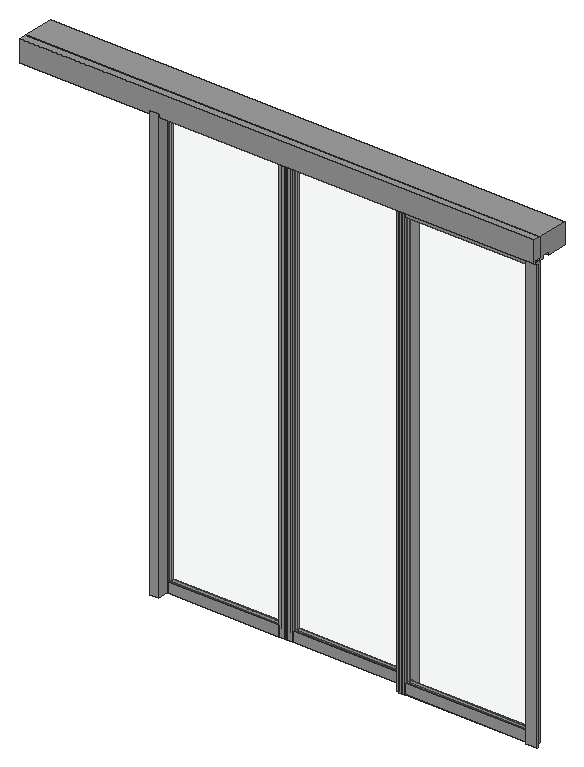
Revit family "agtatec_Record_SldngDrset_D-STA_WallBased", category Doors, host Wall, Revit 2015
Parameters (values of type "D-STA 108 mm drive unit height - side panel left")
  WithoutDriveCladding(OnlyApplicableForTypesWithoutSidePanels) = not(WithDriveCladding)  # no
  WithinStandardSizes = and(OpeningWidth > 799.90 mm, OpeningWidth < 3000.10 mm, ClearHeightOfPassage < 3000.10 mm, ClearHeightOfPassage > 1999.90 mm)  # yes
  WithSidePanels = and(RightPanel, LeftPanel)  # no
  WithDriveCladding = yes
  Weight = "Depends on configuration and size"
  WarrantyDurationUnit = "Depends on country"
  WallMountingProfile = yes
  TotalWidth = if(WithSidePanels, SidePanelWidthLeft + SidePanelWidthRight + OpeningWidth, if(RightPanel, SidePanelWidthRight + OpeningWidth + 54.50 mm, if(LeftPanel, SidePanelWidthLeft + OpeningWidth + 54.50 mm, OpeningWidth + 109.00 mm)))  # 1954.50 mm
  TotalHeight = ClearHeightOfPassage + DriveUnitHeight  # 2295.00 mm
  SustainabilityPerformance = "n/a"
  SupportLength = SidePanelWidthLeft + SidePanelWidthRight + OpeningWidth + DriveUnitExtraWidthRight + DriveUnitExtraWidthLeft  # 2600.00 mm
  SideVoidRight = if(and(RightPanel, Offset = 0.00 mm), SidePanelWidthRight - 47.00 mm, if(and(not(RightPanel), Offset = 0.00 mm), 0.00 mm, if(and(not(RightPanel), Offset > 1.00 mm), 44.00 mm, SidePanelWidthRight)))  # 0.00 mm
  SideVoidLeft = if(and(LeftPanel, Offset = 0.00 mm), SidePanelWidthLeft - 47.00 mm, if(and(not(LeftPanel), Offset = 0.00 mm), 0.00 mm, if(and(not(LeftPanel), Offset > 1.00 mm), 44.00 mm, SidePanelWidthLeft)))  # 653.00 mm
  SidePanelWidthRight = OpeningWidth / 2 + 100.00 mm + ExtraRight  # 700.00 mm
  SidePanelWidthLeft = OpeningWidth / 2 + 100.00 mm + ExtraLeft  # 700.00 mm
  SidePanelMinimumStandard = InnerPanelWidth  # 632.00 mm
  ServiceLifeType = "n/a"
  SecurityRating = "None"
  RightPanel = no
  Revision = "n/a"
  ProductInformation = "www.agta-record.com"
  Process = "n/a"
  PassageMountingProfile(OnlyApplicableForTypesWithTwoSidePanels) = not(WallMountingProfile)  # no
  PanelHeight = ClearHeightOfPassage + 13.00 mm  # 2200.00 mm
  PanelFrames = agtatec_Record_Sliding Door, Aluminium
  PanelFill = agtatec_Record_Sliding Door, Laminated Safety Glass (Clear)
  Operation = "n/a"
  Thickness = 0.00 mm
  Fire Rating = "n/a"
  DriveUnitExtraWidthRight = 0.00 mm
  DriveUnitExtraWidthLeft = 0.00 mm
  Width = TotalWidth  # 1954.50 mm
  WarrantyStartDate [instance] = "1900-12-31T23:59:59"
  WarrantyGuarantorParts = "Local door manufacturer"
  WarrantyGuarantorLabour = "Local door manufacturer"
  WarrantyDurationParts = "Depends on country"
  WarrantyDurationLabour = "Depends on country"
  WarrantyDescription = "Depends on country"
  Version = "Version 1.0"
  Uniclass2 = "Ss_25_30_20_77"
  URL = "www.agta-record.com"
  Type Comments = "n/a"
  ThresholdStripping = "No additional required, part of the doorset"
  ThresholdRequired = yes
  ThermalTransmittance = 0
  TagNumber [instance] = "n/a"
  SmokeStop = no
  Size = "n/a"
  Shape = "Rectangular"
  ServiceLifeDuration = "10-15 years"
  SerialNumber [instance] = "n/a"
  SelfClosing = yes
  Rough Width = TotalWidth + OffsetFromWallSide + 6.00 mm  # 1960.50 mm
  Rough Height = TotalHeight + OffsetFromWallTop + 6.00 mm  # 2301.00 mm
  ReplacementCost = "Depends on the configuration and door type"
  ReferenceStandard = "EN16005, EN16361, DIN 18650, etc."
  Reference = "n/a"
  ProductionYear = "n/a"
  PassageWidthOptions = "n/a"
  OpeningWidthInWall = if(Offset = 0.00 mm, OpeningWidth - 52.00 mm, OpeningWidth)  # 1148.00 mm
  OpeningWidth = 1200.00 mm
  OpeningAxis = CenterOfDoor + DriveUnitExtraWidthRight + ((SidePanelWidthRight + (OpeningWidth / 2)) - CenterOfDoor)  # 1300.00 mm
  OffsetFromWallTop = 0.00 mm
  OffsetFromWallSide = 0.00 mm
  OffsetFromInteriorWallFace(OnlyApplicableForTypesWithTwoSidePanels) = 0.00 mm
  Offset = if(WithSidePanels, [OffsetFromInteriorWallFace(OnlyApplicableForTypesWithTwoSidePanels)], 0.00 mm)  # 0.00 mm
  NominalWidth = TotalWidth  # 1954.50 mm
  NominalLength = 0.00 mm
  NominalHeight = TotalHeight  # 2295.00 mm
  Name = "SldngDrset_D-STA_WallBased_Record"
  NBSTypeID = "n/a"
  NBSReference = "25-50-20/175"
  NBSOfficeMasterTag = "n/a"
  NBSNote = "n/a"
  NBSDescription = "Sliding Doorset"
  NBSCertification = "n/a"
  MountingProfileRight = no
  MountingProfileLeft = no
  ModelReference = "Depends on the configuration"
  ModelNumber = "n/a"
  ModelLabel = "n/a"
  Model = "record Standard Linear Slider"
  MethodOfMeasurement = "n/a"
  Material = "Aluminium"
  ManufacturerURL = "www.agta-record.com"
  ManufacturerName = "Record"
  Manufacturer = "info@recorduk.co.uk"
  LeftPanel = yes
  LeafColourOptions = "All RAL, customer specific"
  Keynote = "n/a"
  IssueDate = "n/a"
  IsExternal = yes
  InstallationDate [instance] = "1900-12-31T23:59:59"
  InnerPanelWidth = (OpeningWidth / 2) + 32.00 mm  # 632.00 mm
  Infiltration = "n/a"
  IfcExportType = "Door"
  IfcExportAs = "IfcDoorStyle"
  Height = TotalHeight  # 2295.00 mm
  HasDrive = yes
  HandicapAccessible = yes
  Grade = "n/a"
  GlazingAreaFraction = "Depends on size. Can be calculated"
  GlassType = "Part of glazing spec"
  GlassThickness2 = "6 mm (default)"
  GlassThickness1 = "6 mm (default)"
  GlassLayers = 2
  FrameSeal = yes
  FrameProfile = "Aluminium"
  FrameMaterial = "Aluminium"
  FrameFinishOptions = "n/a"
  FloorGuide = agtatec_Record_Sliding Door, Stainless Steel
  FireRating = "None"
  FireExit = no
  Finish = "Powder coated, Anodized, customer specific"
  Features = "n/a"
  ExtraWidthRight = 0.00 mm
  ExtraWidthLeft = 0.00 mm
  ExtraRight = if(not(RightPanel), 0.00 mm, ExtraWidthRight)  # 0.00 mm
  ExtraLeft = if(not(LeftPanel), 0.00 mm, ExtraWidthLeft)  # 0.00 mm
  ExpectedLife = "n/a"
  ElectronicLock = yes
  DurationUnit = "year"
  DriveUnitHeight = 108.00 mm
  DriveUnitCenterDistance = (OpeningWidth / 2) + SidePanelWidthLeft + if(ExtraLeft > 65.00 mm, 0.00 mm, 65.00 mm - ExtraLeft) - if(DriveUnitExtraWidthRight > DriveUnitExtraWidthLeft, 0.00 mm, DriveUnitExtraWidthRight - DriveUnitExtraWidthLeft) + if(DriveUnitExtraWidthRight < DriveUnitExtraWidthLeft, DriveUnitExtraWidthRight - DriveUnitExtraWidthLeft, 0.00 mm)  # 1365.00 mm
  DriveUnit = agtatec_Record_Sliding Door, Sheet Metal (Painted Steel)
  DoorsetOperation = "Automatic"
  DoorsetFasteners = "Screws"
  DoorSeal = "yes"
  DoorOpening = 0.00 mm
  DoorNumber = "n/a"
  DoorIncluded = yes
  Documentation = "n/a"
  DocumentReference = "n/a"
  Description = "Automatic Sliding Door"
  Cost = 0
  Controller = "n/a"
  Construction Type = "Automatic Sliding Door"
  Constituents = "n/a"
  Configuration = "1 or 2"
  Colour = "Customer specific"
  CodePerformance = "n/a"
  ClearanceZones = no
  ClearHeightOfPassage = 2187.00 mm
  CenterOfDoor = SupportLength / 2  # 1300.00 mm
  Category = "n/a"
  BreakoutFacility = "n/a"
  BarCode [instance] = "n/a"
  BIMObjectName = "agtatec_Record_SlidingDoorset_D-STA_WallBased"
  Author = "agtatec"
  AssetType = "n/a"
  AssetIdentifier [instance] = "n/a"
  Assembly Code = "B2030110"
  AntiFingerTrapRequirement = yes
  AlternativeDoorsetGlazing = "Part of glazing spec"
  AcousticRating = "None"
  AccessoryOptions = "Contact manufacturer"
  AccessibilityPerformance = "n/a"
Reference planes
  plane 1: y = 0
  plane 2 "Center (Left/Right)": x = 0
  plane 3 "Wall Edge": y = 76.2
  plane 4: x = 600
  plane 5: x = -600
  plane 6: x = 1253
  plane 7: x = -600
  plane 8: z = 2295
  plane 9: x = 0
  plane 10: x = -1300
Lines and regions (mm)
  Opening 1
    outline origin (-1524, -76.2, 0) x (1, 0, 0) y (0, 0, 1)
      loop
        line (924, 0) -> (2777, 0) -> (2777, 2295) -> (924, 2295) -> (924, 0)
Text (mm)
  text "Placement Side" at (0, 1019.848, 3124.603), in view "Right"
  text "Placement Side" at (-1787.662, 723.012, 0), in view "Ref. Level"
  text "Placement Side" at (0, 2073.289, 3571.227), in view "Left"
Dimensions and locks
  locked: plane 3 "Wall Edge" to host wall
  "OffsetFromWallSide": Opening 1 sketch curve to plane 6
  "SideVoidLeft": plane 6 to plane 4
  "OffsetFromWallSide": plane 7 to Opening 1 sketch curve
  "SideVoidRight": plane 5 to plane 7
  "OffsetFromWallTop": Opening 1 sketch curve to plane 8
  "TotalHeight": plane 8 to level
  "Offset": nested 1 to plane 3 "Wall Edge"
  "CenterOfDoor": plane 10 to plane 2 "Center (Left/Right)"
  "OpeningAxis": plane 10 to plane 9
  equal spacing: plane 5, plane 9, plane 4
  "OpeningWidth": plane 4 to plane 5
Automatic sketch dimensions
  Opening 1 sketch curve to level = 0.00 mm
Nested families
  nested 1: "D-STA" at (0, 76.2, 0), type "D-STA 150 mm drive unit height - with two side panels"
    with WarrantyStartDate "Depends on country", TagNumber "n/a", SerialNumber "n/a", InstallationDate "n/a", BarCode "n/a", AssetIdentifier "n/a", WithSidePanels no, WallOpeningWidth 1900.00 mm, WallMountingRight no, TotalWidth 1944.00 mm, TotalHeight 2295.00 mm, RightPanel no, InterlancingProfileRight yes, DriveUnitHeight 108.00 mm, Width 1944.00 mm, Rough Width 1950.00 mm, Rough Height 2301.00 mm, NominalHeight 2295.00 mm, Height 2295.00 mm, ClearanceZoneRight 1300.00 mm
Definition of nested family "D-STA"
  Parameters
    WithoutSidePanels = and(not(RightPanel), not(LeftPanel))  # no
    WithoutDriveCladding(OnlyApplicableForTypesWithoutSidePanels) = not(WithDriveCladding)  # no
    WithinStandardSizes = and(OpeningWidth > 799.90 mm, OpeningWidth < 3000.10 mm, ClearHeightOfPassage < 3000.10 mm, ClearHeightOfPassage > 1999.90 mm)  # yes
    WithSidePanels = and(RightPanel, LeftPanel)  # yes
    WithDriveCladding = yes
    Weight = "Depends on configuration and size"
    WarrantyDurationUnit = "Depends on country"
    WallOpeningWidth = if(and(RightPanel, LeftPanel), OpeningWidth + SidePanelWidthRight + SidePanelWidthLeft, if(RightPanel, OpeningWidth + SidePanelWidthRight, if(LeftPanel, OpeningWidth + SidePanelWidthLeft, OpeningWidth)))  # 2600.00 mm
    WallMountingRight = and(WallMountingProfile, RightPanel)  # yes
    WallMountingProfile = yes
    WallMountingLeft = and(WallMountingProfile, LeftPanel)  # yes
    TotalWidth = if(WithSidePanels, SidePanelWidthLeft + SidePanelWidthRight + OpeningWidth, if(RightPanel, SidePanelWidthRight + OpeningWidth + 44.00 mm, if(LeftPanel, SidePanelWidthLeft + OpeningWidth + 44.00 mm, OpeningWidth + 109.00 mm)))  # 2600.00 mm
    TotalHeight = ClearHeightOfPassage + DriveUnitHeight  # 2337.00 mm
    Thickness = 0.00 mm
    SustainabilityPerformance = "n/a"
    SupportLength = SidePanelWidthLeft + SidePanelWidthRight + OpeningWidth + DriveUnitExtraWidthRight + DriveUnitExtraWidthLeft  # 2600.00 mm
    SidePanelWidthRight = OpeningWidth / 2 + 100.00 mm + ExtraRight  # 700.00 mm
    SidePanelWidthLeft = OpeningWidth / 2 + 100.00 mm + ExtraLeft  # 700.00 mm
    SidePanelMinimumStandard = InnerPanelWidth  # 632.00 mm
    ServiceLifeType = "n/a"
    SecurityRating = "None"
    RightPanel = yes
    Revision = "n/a"
    ProductInformation = "www.agta-record.com"
    Process = "n/a"
    PassageMountingRight = and([PassageMountingProfile(OnlyApplicableForTypesWithTwoSidePanels)], RightPanel)  # no
    PassageMountingProfile(OnlyApplicableForTypesWithTwoSidePanels) = not(WallMountingProfile)  # no
    PassageMountingLeft = and([PassageMountingProfile(OnlyApplicableForTypesWithTwoSidePanels)], LeftPanel)  # no
    PanelHeight = ClearHeightOfPassage + 13.00 mm  # 2200.00 mm
    PanelFrames = none
    PanelFill = none
    OuterPanelWidthRight = OpeningWidth / 2 + 73.00 mm + ExtraRight  # 673.00 mm
    OuterPanelWidthLeft = OpeningWidth / 2 + 73.00 mm + ExtraLeft  # 673.00 mm
    OpeningWidth = 1200.00 mm
    Name = "SldngDrset_D-STA_Standalone_Record"
    NBSTypeID = "n/a"
    NBSReference = "25-50-20/175"
    NBSOfficeMasterTag = "n/a"
    NBSNote = "n/a"
    NBSDescription = "Sliding Doorset"
    NBSCertification = "n/a"
    ModelNumber = "n/a"
    ModelLabel = "n/a"
    MethodOfMeasurement = "n/a"
    ManufacturerName = "Record"
    LeftPanel = yes
    InterlancingProfileRight = not(and(RightPanel, (WallOpeningWidth > OpeningWidth)))  # no
    InterlancingProfileLeft = not(and(LeftPanel, (WallOpeningWidth > OpeningWidth)))  # no
    InterlancingProfileHeight = PanelHeight - 5.00 mm  # 2195.00 mm
    InstallationDate [instance] = "n/a"
    InnerPanelWidth = (OpeningWidth / 2) + 32.00 mm  # 632.00 mm
    IfcExportType = "n/a"
    IfcExportAs = "n/a"
    Grade = "n/a"
    GlazingAreaFraction = "Depends on size. Can be calculated"
    FloorGuide = none
    FireRating = "None"
    Features = "n/a"
    ExtraWidthRight = 0.00 mm
    ExtraWidthLeft = 0.00 mm
    ExtraRight = if(not(RightPanel), 0.00 mm, ExtraWidthRight)  # 0.00 mm
    ExtraLeft = if(not(LeftPanel), 0.00 mm, ExtraWidthLeft)  # 0.00 mm
    ExpectedLife = "n/a"
    DurationUnit = "year"
    DriveUnitHeight = 150.00 mm
    DriveUnitExtraWidthRight = 0.00 mm
    DriveUnitExtraWidthLeft = 0.00 mm
    DriveUnitCenterDistance = (OpeningWidth / 2) + SidePanelWidthRight + DriveUnitExtraWidthRight  # 1300.00 mm
    DriveUnit = none
    DriveDepth2 = if([WithoutDriveCladding(OnlyApplicableForTypesWithoutSidePanels)], 0.00 mm, 37.00 mm)  # 37.00 mm
    DriveDepth = if([WithoutDriveCladding(OnlyApplicableForTypesWithoutSidePanels)], 157.00 mm, 194.00 mm)  # 194.00 mm
    DoorOpeningRestriction = if(DoorOpening > OpeningWidth, OpeningWidth, DoorOpening)  # 0.00 mm
    DoorOpening1 = DoorOpeningRestriction / 2  # 0.00 mm
    DoorOpening = 0.00 mm
    Width = TotalWidth  # 2600.00 mm
    WarrantyStartDate [instance] = "Depends on country"
    WarrantyGuarantorParts = "Local door manufacturer"
    WarrantyGuarantorLabour = "Local door manufacturer"
    WarrantyDurationParts = "Depends on country"
    WarrantyDurationLabour = "Depends on country"
    WarrantyDescription = "Depends on country"
    Version = "Version 1.0"
    Uniclass2 = "Ss_25_30_20_77"
    URL = "www.agta-record.com"
    Type Comments = ""
    ThresholdStripping = "No additional required, part of the doorset"
    ThresholdRequired = yes
    ThermalTransmittance = 0
    TagNumber [instance] = "n/a"
    SmokeStop = no
    Size = "n/a"
    Shape = "Rectangular"
    ServiceLifeDuration = "10-15 years"
    SerialNumber [instance] = "n/a"
    SelfClosing = yes
    Rough Width = TotalWidth + 6.00 mm  # 2606.00 mm
    Rough Height = TotalHeight + 6.00 mm  # 2343.00 mm
    ReplacementCost = "Depends on the configuration and door type"
    ReferenceStandard = "EN16005, EN16361, DIN 18650, etc."
    Reference = "n/a"
    ProductionYear = "n/a"
    PassageWidthOptions = "n/a"
    Operation = "Automatic"
    NominalWidth = SupportLength  # 2600.00 mm
    NominalLength = 0.00 mm
    NominalHeight = TotalHeight  # 2337.00 mm
    ModelReference = "Depends on the configuration"
    Model = "record Standard Linear Slider"
    Material = "Aluminium"
    ManufacturerURL = "www.agta-record.com"
    Manufacturer = "info@recorduk.co.uk"
    LeafColourOptions = "All RAL, customer specific"
    Keynote = ""
    IssueDate = ""
    IsExternal = yes
    Infiltration = "n/a"
    Height = TotalHeight  # 2337.00 mm
    HasDrive = yes
    HandicapAccessible = yes
    GlassType = "Part of glazing spec"
    GlassThickness2 = "6 mm (default)"
    GlassThickness1 = "6 mm (default)"
    GlassLayers = 2
    Function = 1
    FrameSeal = yes
    FrameProfile = "Aluminium"
    FrameMaterial = "Aluminium"
    FrameFinishOptions = "n/a"
    FireExit = no
    Finish = "Powder coated, Anodized, customer specific"
    ElectronicLock = yes
    DoorsetOperation = "Automatic"
    DoorsetFasteners = "Screws"
    DoorSeal = "yes"
    DoorNumber = "n/a"
    DoorIncluded = yes
    Documentation = "n/a"
    DocumentReference = "n/a"
    DistanceToWall = if([WithoutDriveCladding(OnlyApplicableForTypesWithoutSidePanels)], 20.00 mm, 57.00 mm)  # 57.00 mm
    Description = "Automatic Sliding Door"
    Cost = 0
    Controller = "n/a"
    Construction Type = "Automatic Sliding Door"
    Constituents = "n/a"
    Configuration = "1 or 2"
    Colour = "Customer specific"
    CodePerformance = "n/a"
    ClearanceZones = no
    ClearanceZoneRight = if(or(not(WallMountingProfile), not(RightPanel), DriveUnitExtraWidthRight > 0.00 mm), ((OpeningWidth / 2) + SidePanelWidthRight + DriveUnitExtraWidthRight), ((OpeningWidth / 2) + SidePanelWidthRight + DriveUnitExtraWidthRight + 16.00 mm))  # 1316.00 mm
    ClearanceZoneLeft = if(or(not(WallMountingProfile), not(LeftPanel), DriveUnitExtraWidthLeft > 0.00 mm), ((OpeningWidth / 2) + SidePanelWidthLeft + DriveUnitExtraWidthLeft), ((OpeningWidth / 2) + SidePanelWidthLeft + DriveUnitExtraWidthLeft + 16.00 mm))  # 1316.00 mm
    ClearHeightOfPassage = 2187.00 mm
    CladdingVoid = if(WithoutSidePanels, 8.85 mm, 40.85 mm)  # 40.85 mm
    CladdingProfile = not([WithoutDriveCladding(OnlyApplicableForTypesWithoutSidePanels)])  # yes
    CenterOfDoor = SupportLength / 2  # 1300.00 mm
    Category = "n/a"
    BreakoutFacility = "n/a"
    BarCode [instance] = "n/a"
    BIMObjectName = "agtatec_Record_SlidingDoorset_D-STA_Standalone"
    Author = "agtatec"
    AssetType = "n/a"
    AssetIdentifier [instance] = "n/a"
    Assembly Code = "B2030110"
    AntiFingerTrapRequirement = yes
    AlternativeDoorsetGlazing = "Part of glazing spec"
    AcousticRating = "None"
    AccessoryOptions = "Contact manufacturer"
    AccessibilityPerformance = "n/a"
  Reference planes
    plane 1 "Center (Front/Back)": y = 0
    plane 2: z = 0
    plane 3 "Ex Center (Left/Right)": x = 0
    plane 4: x = -1260
    plane 5: x = 1260
    plane 6: y = 5
    plane 7: y = 101
    plane 8: x = 0
    plane 9: x = 0
    plane 10: x = -1300
    plane 11: x = 1300
    plane 12: z = 2337
    plane 13: z = 2187
    plane 14: z = 2545.08
    plane 15: x = 600
    plane 16: x = 612
    plane 17 "Drive Unit Center Ref": x = -1300
    plane 18: z = 2357
    plane 19: y = 344
    plane 20 "Clearance Zone Right": x = 1300
    plane 21 "Reference": z = 270
    plane 22 "2D Lines": z = 100
    plane 23: x = -632
    plane 24: y = 57
    plane 25: x = 632
    plane 26: y = 45.85
    plane 27: x = -600
    plane 28: x = -612
    plane 29: y = 194
    plane 30 "Center (Left/Right)": x = 0
    plane 31 "ClearanceZoneLeft": x = 1316
    plane 32: x = -1316
  Forms (mm)
    Extrusion 1, solid, material <- "PanelFrames", visible <- "WallMountingRight"
      sketch origin (0, 0, 0) x (1, 0, 0) y (0, 1, 0)
        loop
          line (-1260, 3) -> (-1297, 3) -> (-1297, 38) -> (-1260, 38) -> (-1260, 40) -> (-1300, 40) -> (-1300, 4) -> (-1316, 4) -> (-1316, 0) -> (-1260, 0) -> (-1260, 3)
      from 0 to 2187
    Extrusion 2, solid, material <- "PanelFrames", visible <- "WallMountingLeft"
      sketch origin (0, 0, 0) x (-1, 0, 0) y (0, -1, 0)
        loop
          line (-1260, -3) -> (-1260, 0) -> (-1316, 0) -> (-1316, -4) -> (-1300, -4) -> (-1300, -40) -> (-1260, -40) -> (-1260, -38) -> (-1297, -38) -> (-1297, -3) -> (-1260, -3)
      from 0 to 2187
    Extrusion 3, solid, visible <- "ClearanceZones"
      sketch origin (0, 0, 0) x (0, 1, 0) y (0, 0, 1)
        loop
          line (344, 2357) -> (0, 2357) -> (0, 0) -> (344, 0) -> (344, 2357)
      from -1316 to 1316
    Extrusion 4, solid, material <- "PanelFrames", visible <- "PassageMountingRight"
      sketch origin (0, 0, 0) x (1, 0, 0) y (0, 1, 0)
        loop
          line (-1260, 40) -> (-1300, 40) -> (-1300, 0) -> (-1260, 0) -> (-1260, 3) -> (-1297, 3) -> (-1297, 38) -> (-1260, 38) -> (-1260, 40)
      from 0 to 2187
    Extrusion 5, solid, material <- "PanelFrames", visible <- "PassageMountingLeft"
      sketch origin (0, 0, 0) x (1, 0, 0) y (0, 1, 0)
        loop
          line (1260, 40) -> (1260, 38) -> (1297, 38) -> (1297, 3) -> (1260, 3) -> (1260, 0) -> (1300, 0) -> (1300, 40) -> (1260, 40)
      from 0 to 2187
    Extrusion 6, solid, material <- "DriveUnit"
      sketch origin (-1300, -4572, 3266.057) x (0, 0, 1) y (0, -1, 0)
        loop
          line (-929.057, -4609) -> (-1079.057, -4609) -> (-1079.057, -4626) -> (-1066.057, -4626) -> (-1066.057, -4668) -> (-1079.057, -4668) -> (-1079.057, -4766) -> (-929.057, -4766) -> (-929.057, -4609)
      from 0 to 2600 <- "SupportLength"
    Extrusion 7, solid, material <- "DriveUnit", visible <- "CladdingProfile"
      sketch origin (-1300, -4572, 3266.057) x (0, 0, 1) y (0, -1, 0)
        loop
          line (-929.057, -4572) -> (-1079.057, -4572) -> (-1079.057, -4609) -> (-929.057, -4609) -> (-929.057, -4572)
      from 0 to 2600 <- "SupportLength"
    Extrusion 8, void
      sketch origin (-1256.5, 45.85, 1200) x (1, 0, 0) y (0, 0, 1)
        loop
          line (-43.5, 1000) -> (-43.5, 987) -> (2556.5, 987) -> (2556.5, 1000) -> (-43.5, 1000)
      from 0 to 40.85 <- "CladdingVoid"
  Cuts and joins
    Extrusion 8 cuts Extrusion 1
    Extrusion 8 cuts Extrusion 2
    Extrusion 8 cuts Extrusion 4
    Extrusion 8 cuts Extrusion 7
  Lines and regions (mm)
    Masking region 1, visible <- "WallMountingLeft"
      outline origin (0, 0, 0) x (1, 0, 0) y (0, 1, 0)
        loop
          line (1260, 40) -> (1260, 38) -> (1297, 38) -> (1297, 3) -> (1260, 3) -> (1260, 0) -> (1316, 0) -> (1316, 4) -> (1300, 4) -> (1300, 40) -> (1260, 40)
    Masking region 2, visible <- "WallMountingRight"
      outline origin (0, 0, 0) x (1, 0, 0) y (0, 1, 0)
        loop
          line (-1260, 40) -> (-1300, 40) -> (-1300, 4) -> (-1316, 4) -> (-1316, 0) -> (-1260, 0) -> (-1260, 3) -> (-1297, 3) -> (-1297, 38) -> (-1260, 38) -> (-1260, 40)
    Masking region 3, visible <- "PassageMountingRight"
      outline origin (0, 0, 0) x (1, 0, 0) y (0, 1, 0)
        loop
          line (-1260, 40) -> (-1300, 40) -> (-1300, 0) -> (-1260, 0) -> (-1260, 3) -> (-1297, 3) -> (-1297, 38) -> (-1260, 38) -> (-1260, 40)
    Masking region 4, visible <- "PassageMountingLeft"
      outline origin (0, 0, 0) x (1, 0, 0) y (0, 1, 0)
        loop
          line (1260, 40) -> (1260, 38) -> (1297, 38) -> (1297, 3) -> (1260, 3) -> (1260, 0) -> (1300, 0) -> (1300, 40) -> (1260, 40)
    symbolic lines
      curve 1: line (175, -50, 0) -> (25, -50, 0)
      curve 2: line (175, -50, 0) -> (139.645, -14.645, 0)
      curve 3: line (175, -50, 0) -> (139.645, -85.355, 0)
      curve 4: line (-25, -50, 0) -> (-175, -50, 0)
      curve 5: line (-175, -50, 0) -> (-139.645, -14.645, 0)
      curve 6: line (-175, -50, 0) -> (-139.645, -85.355, 0)
  Dimensions and locks
    locked: plane 6 to plane 1 "Center (Front/Back)" at 5
    locked: plane 1 "Center (Front/Back)" to plane 7 at 101
    equal spacing: plane 8, plane 3 "Ex Center (Left/Right)", plane 9
    locked: plane 10 to plane 4 at 40
    locked: plane 5 to plane 11 at 40
    "DriveUnitHeight": plane 12 to plane 13
    locked: plane 14 to plane 13 at 358.08
    locked: plane 15 to plane 16 at 12
    "SidePanelWidthLeft": plane 15 to plane 11
    "ClearHeightOfPassage": plane 13 to plane 2
    "DriveUnitCenterDistance": plane 3 "Ex Center (Left/Right)" to plane 17 "Drive Unit Center Ref"
    locked: plane 18 to plane 12 at 20
    "SupportLength": plane 17 "Drive Unit Center Ref" to plane 20 "Clearance Zone Right"
    "DoorOpeningRestriction": plane 8 to plane 9
    "InnerPanelWidth": plane 23 to plane 8
    "InnerPanelWidth": plane 9 to plane 25
    "DistanceToWall": plane 24 to plane 1 "Center (Front/Back)"
    locked: plane 24 to nested 6 at 20
    plane 26 to plane 1 "Center (Front/Back)" = 45.85 mm
    locked: plane 28 to plane 27 at 12
    equal spacing: plane 27, plane 3 "Ex Center (Left/Right)", plane 15
    "SidePanelWidthRight": plane 10 to plane 27
    "OpeningWidth": plane 27 to plane 15
    "DriveDepth": plane 1 "Center (Front/Back)" to plane 29
    "DriveUnitHeight": plane 29 to plane 19
    locked: plane 24 to nested 5 at 20
    locked: Extrusion 6 sketch curve to plane 29 at 98
    "DriveDepth2": plane 1 "Center (Front/Back)" to Extrusion 6 sketch curve
    "SupportLength": Extrusion 8 sketch curve to plane 17 "Drive Unit Center Ref"
    "CenterOfDoor": plane 17 "Drive Unit Center Ref" to plane 30 "Center (Left/Right)"
    "ClearanceZoneLeft": plane 3 "Ex Center (Left/Right)" to plane 31 "ClearanceZoneLeft"
    "ClearanceZoneRight": plane 32 to plane 3 "Ex Center (Left/Right)"
    aligned and locked: level to plane 2
    aligned and locked: nested 1 to plane 6
    aligned and locked: plane 13 to Extrusion 2
    aligned and locked: plane 13 to Extrusion 1
    aligned and locked: plane 19 to Extrusion 3 sketch curve
    aligned and locked: Extrusion 3 sketch curve to plane 18
    aligned and locked: nested 4 to plane 23
    aligned and locked: plane 24 to nested 4
    aligned and locked: plane 23 to nested 3
    aligned and locked: nested 3 to plane 24
    aligned and locked: plane 28 to nested 6
    aligned and locked: plane 16 to nested 1
    aligned and locked: nested 5 to plane 15
    aligned and locked: plane 13 to Extrusion 4
    aligned and locked: plane 13 to Extrusion 5
    aligned and locked: plane 13 to Extrusion 6 sketch curve
    aligned and locked: Extrusion 6 sketch curve to plane 12
    aligned and locked: plane 29 to Extrusion 6 sketch curve
    aligned and locked: plane 25 to nested 2
    aligned and locked: plane 9 to nested 7
    aligned and locked: nested 7 to plane 24
    aligned and locked: plane 24 to nested 2
    aligned and locked: nested 8 to plane 28
    aligned and locked: Extrusion 7 sketch curve to plane 12
    aligned and locked: Extrusion 7 sketch curve to plane 1 "Center (Front/Back)"
    aligned and locked: plane 17 "Drive Unit Center Ref" to Extrusion 8 sketch curve
    aligned and locked: plane 13 to Extrusion 8 sketch curve
    aligned and locked: plane 31 "ClearanceZoneLeft" to Extrusion 3
    aligned and locked: Extrusion 3 to plane 32
  Automatic sketch dimensions
    Extrusion 3 sketch curve to level = 0.00 mm
    Extrusion 3 sketch curve to plane 1 "Center (Front/Back)" = 0.00 mm
    plane 1 "Center (Front/Back)" to curve 5 = 14.645 mm
    curve 5 to curve 6 = 0.00 mm
    curve 4 to curve 5 = 35.355 mm
    plane 1 "Center (Front/Back)" to curve 2 = 14.645 mm
    curve 3 to curve 2 = 0.00 mm
    plane 1 "Center (Front/Back)" to curve 2 = 50.00 mm
    curve 2 to curve 2 = 35.355 mm
    curve 6 to curve 5 = 35.355 mm
    curve 1 to curve 2 = 114.645 mm
    curve 6 to curve 4 = 114.645 mm
    plane 3 "Ex Center (Left/Right)" to curve 1 = 25.00 mm
    curve 4 to plane 3 "Ex Center (Left/Right)" = 25.00 mm
    plane 1 "Center (Front/Back)" to Extrusion 2 sketch curve = 0.00 mm
    plane 6 to Extrusion 2 sketch curve = 1.00 mm
    Extrusion 2 sketch curve to plane 11 = 16.00 mm
    plane 11 to Extrusion 2 sketch curve = 0.00 mm
    Extrusion 2 sketch curve to Extrusion 2 sketch curve = 3.00 mm
    plane 6 to Extrusion 2 sketch curve = 2.00 mm
    Extrusion 2 sketch curve to Extrusion 2 sketch curve = 2.00 mm
    plane 26 to Extrusion 2 sketch curve = 5.85 mm
    plane 1 "Center (Front/Back)" to Masking region 1 sketch curve = 0.00 mm
    Masking region 1 sketch curve to plane 11 = 0.00 mm
    Masking region 1 sketch curve to Masking region 1 sketch curve = 3.00 mm
    Masking region 1 sketch curve to plane 6 = 2.00 mm
    Masking region 1 sketch curve to plane 26 = 7.85 mm
    Masking region 1 sketch curve to plane 6 = 1.00 mm
    plane 11 to Masking region 1 sketch curve = 16.00 mm
    Masking region 1 sketch curve to Masking region 1 sketch curve = 2.00 mm
    plane 1 "Center (Front/Back)" to Masking region 2 sketch curve = 0.00 mm
    Masking region 2 sketch curve to plane 6 = 1.00 mm
    Masking region 2 sketch curve to Masking region 2 sketch curve = 3.00 mm
    Masking region 2 sketch curve to plane 26 = 7.85 mm
    Masking region 2 sketch curve to plane 6 = 2.00 mm
    Masking region 2 sketch curve to Masking region 2 sketch curve = 2.00 mm
    plane 10 to Masking region 2 sketch curve = 0.00 mm
    Masking region 2 sketch curve to plane 10 = 16.00 mm
    plane 4 to Masking region 2 sketch curve = 0.00 mm  (x2)
    plane 5 to Extrusion 2 sketch curve = 0.00 mm  (x2)
    Masking region 1 sketch curve to plane 5 = 0.00 mm  (x2)
    Extrusion 1 sketch curve to plane 10 = 0.00 mm
    plane 1 "Center (Front/Back)" to Extrusion 1 sketch curve = 0.00 mm
    Extrusion 1 sketch curve to plane 10 = 16.00 mm
    Extrusion 1 sketch curve to plane 4 = 0.00 mm  (x2)
    plane 10 to Extrusion 1 sketch curve = 3.00 mm
    Extrusion 1 sketch curve to plane 6 = 2.00 mm
    Extrusion 1 sketch curve to plane 6 = 1.00 mm
    Extrusion 1 sketch curve to plane 26 = 7.85 mm
    Extrusion 1 sketch curve to Extrusion 1 sketch curve = 2.00 mm
    Extrusion 4 sketch curve to plane 10 = 0.00 mm
    Extrusion 4 sketch curve to plane 4 = 0.00 mm  (x2)
    plane 1 "Center (Front/Back)" to Extrusion 4 sketch curve = 0.00 mm
    plane 10 to Extrusion 4 sketch curve = 3.00 mm
    Extrusion 4 sketch curve to plane 6 = 2.00 mm
    Extrusion 4 sketch curve to plane 26 = 7.85 mm
    Extrusion 4 sketch curve to Extrusion 4 sketch curve = 2.00 mm
    Extrusion 5 sketch curve to plane 5 = 0.00 mm  (x2)
    Extrusion 5 sketch curve to plane 11 = 0.00 mm
    plane 1 "Center (Front/Back)" to Extrusion 5 sketch curve = 0.00 mm
    Extrusion 5 sketch curve to plane 11 = 3.00 mm
    Extrusion 5 sketch curve to plane 6 = 2.00 mm
    Extrusion 5 sketch curve to plane 26 = 7.85 mm
    Extrusion 5 sketch curve to Extrusion 5 sketch curve = 2.00 mm
    Masking region 3 sketch curve to plane 10 = 0.00 mm
    Masking region 3 sketch curve to plane 4 = 0.00 mm  (x2)
    plane 1 "Center (Front/Back)" to Masking region 3 sketch curve = 0.00 mm
    plane 10 to Masking region 3 sketch curve = 3.00 mm
    Masking region 3 sketch curve to plane 6 = 2.00 mm
    Masking region 3 sketch curve to plane 26 = 7.85 mm
    Masking region 3 sketch curve to Masking region 3 sketch curve = 2.00 mm
    Masking region 4 sketch curve to plane 5 = 0.00 mm  (x2)
    Masking region 4 sketch curve to plane 11 = 0.00 mm
    plane 1 "Center (Front/Back)" to Masking region 4 sketch curve = 0.00 mm
    Masking region 4 sketch curve to plane 11 = 3.00 mm
    Masking region 4 sketch curve to plane 6 = 2.00 mm
    Masking region 4 sketch curve to plane 26 = 7.85 mm
    Masking region 4 sketch curve to Masking region 4 sketch curve = 2.00 mm
    Extrusion 7 sketch curve to plane 13 = 0.00 mm
    Extrusion 7 sketch curve to plane 26 = 8.85 mm
    Extrusion 6 sketch curve to plane 13 = 0.00 mm
    Extrusion 6 sketch curve to plane 24 = 3.00 mm
    plane 13 to Extrusion 6 sketch curve = 13.00 mm
    Extrusion 8 sketch curve to Extrusion 8 sketch curve = 13.00 mm
  Nested families
    nested 1: "Outer Panel" at (612, 5, 0), visible <- "LeftPanel", type "Left Panel"
    nested 2: "Interlacing profile - Inner" at (632, 57, 5) x (0, -1, 0) z (0, 0, 1), type "Left"
    nested 3: "Interlacing profile - Inner" at (-632, 57, 5) x (0, -1, 0) z (0, 0, 1), type "Right"
    nested 4: "Inner Panel" at (0, 57, 0) x (-1, 0, 0) z (0, 0, 1), type "Inner Panel"
    nested 5: "Interlacing profile - Outer" at (612, 37, 5) x (0, 1, 0) z (0, 0, 1), type "Left"
      with Side Panel yes, Interlacing profile 2 no, Interlacing profile 1 yes
    nested 6: "Interlacing profile - Outer" at (-612, 37, 5) x (0, 1, 0) z (0, 0, 1), type "Right"
      with Side Panel yes, Interlacing profile 2 no, Interlacing profile 1 yes
    nested 7: "Inner Panel" at (0, 57, 0), type "Inner Panel"
    nested 8: "Outer Panel" at (-612, 37, 0) x (-1, 0, 0) z (0, 0, 1), visible <- "RightPanel", type "Right Panel"
      with Right Panel yes, Left Panel no
  Definition of nested family "Outer Panel"
    Parameters
      Right Panel = no
      Panel Height = 2200.00 mm
      Panel Glass = none
      Panel Frames = none
      Outer Panel Width = 673.00 mm
      Left Panel = yes
    Reference planes
      plane 1 "Center (Front/Back)": y = 0
      plane 2: z = 0
      plane 3 "Center (Left/Right)": x = 0
      plane 4: x = 673
      plane 5: z = 2200
      plane 6: x = 641
      plane 7: x = 32
      plane 8: z = 2181
      plane 9 "Above": z = 42
      plane 10: x = 654.5
      plane 11: x = 18.5
      plane 12: y = 32
      plane 13: x = 10
    Forms (mm)
      Extrusion 1, solid, material <- "Panel Frames"
        sketch origin (0, 0, 0) x (1, 0, 0) y (0, 1, 0)
          loop
            line (0, 0) -> (32, 0) -> (32, 2.5) -> (16, 2.5) -> (16, 29.5) -> (32, 29.5) -> (32, 32) -> (0, 32) -> (0, 0)
        from 0 to 2200
      Extrusion 2, solid, material <- "Panel Frames"
        sketch origin (591.5, 0, 0) x (-1, 0, 0) y (0, -1, 0)
          loop
            line (-81.5, 0) -> (-81.5, -32) -> (-49.5, -32) -> (-49.5, -29.5) -> (-65.5, -29.5) -> (-65.5, -2.5) -> (-49.5, -2.5) -> (-49.5, 0) -> (-81.5, 0)
        from 0 to 2200
      Extrusion 3, solid, material <- "Panel Frames"
        sketch origin (75, 0, 0) x (0, 1, 0) y (0, 0, 1)
          loop
            line (0, 2200) -> (0, 2168) -> (2.5, 2168) -> (2.5, 2184) -> (29.5, 2184) -> (29.5, 2168) -> (32, 2168) -> (32, 2200) -> (0, 2200)
        from -43 to 566
      Extrusion 4, solid, material <- "Panel Glass"
        sketch origin (0, 0, 0) x (1, 0, 0) y (0, 1, 0)
          loop
            line (18.5, 28) -> (18.5, 4) -> (654.5, 4) -> (654.5, 28) -> (18.5, 28)
        from 42 to 2181
      Extrusion 5, solid, material <- "Panel Frames"
        sketch origin (20, 0, 0) x (0, 1, 0) y (0, 0, 1)
          loop
            line (0, 5) -> (3.25, 5) -> (3.25, 0) -> (28.75, 0) -> (28.75, 5) -> (32, 5) -> (32, 55) -> (29.5, 55) -> (29.5, 39) -> (2.5, 39) -> (2.5, 55) -> (0, 55) -> (0, 5)
        from 12 to 621
    Lines and regions (mm)
      Masking region 1
        outline origin (0, 0, 0) x (1, 0, 0) y (0, 1, 0)
          loop
            line (0, 32) -> (0, 0) -> (10, 0) -> (673, 0) -> (673, 32) -> (10, 32) -> (0, 32)
      symbolic lines, detail levels medium+fine
        curve 1: line (641, 32, 42) -> (641, 29.5, 42)
        curve 2: line (32, 32, 42) -> (32, 29.5, 42)
        curve 18: line (641, 2.5, 42) -> (641, 0, 42)
        curve 20: line (32, 2.5, 42) -> (32, 0, 42)
      symbolic lines, detail levels fine
        curve 3: line (32, 28, 42) -> (641, 28, 42)
        curve 4: line (32, 4, 42) -> (641, 4, 42)
        curve 5: line (641, 29.5, 42) -> (657, 29.5, 42)
        curve 6: line (657, 29.5, 42) -> (657, 2.5, 42)
        curve 7: line (657, 2.5, 42) -> (641, 2.5, 42)
        curve 8: line (641, 28, 42) -> (654.5, 28, 42)
        curve 9: line (654.5, 28, 42) -> (654.5, 4, 42)
        curve 10: line (654.5, 4, 42) -> (641, 4, 42)
        curve 11: line (32, 29.5, 42) -> (16, 29.5, 42)
        curve 12: line (16, 29.5, 42) -> (16, 2.5, 42)
        curve 13: line (16, 2.5, 42) -> (32, 2.5, 42)
        curve 14: line (32, 4, 42) -> (18.5, 4, 42)
        curve 15: line (18.5, 4, 42) -> (18.5, 28, 42)
        curve 16: line (18.5, 28, 42) -> (32, 28, 42)
      symbolic lines, detail levels medium
        curve 17: line (641, 29.5, 42) -> (641, 2.5, 42)
        curve 19: line (32, 29.5, 42) -> (32, 2.5, 42)
      symbolic lines, visible <- "Right Panel"
        curve 21: line (0, 32, 42) -> (10, 32, 42)
      symbolic lines, visible <- "Left Panel"
        curve 22: line (10, 0, 42) -> (0, 0, 42)
    Dimensions and locks
      "Panel Height": plane 5 to plane 2
      locked: plane 7 to plane 3 "Center (Left/Right)" at 32
      locked: plane 6 to plane 4 at 32
      locked: plane 5 to plane 8 at 19
      locked: plane 9 "Above" to level at 42
      locked: plane 4 to plane 10 at 18.5
      locked: plane 11 to plane 3 "Center (Left/Right)" at 18.5
      "Outer Panel Width": plane 4 to plane 3 "Center (Left/Right)"
      locked: plane 3 "Center (Left/Right)" to plane 13 at 10
      aligned and locked: plane 2 to level
      aligned and locked: plane 5 to Extrusion 2
      aligned and locked: plane 5 to Extrusion 1
      aligned and locked: Extrusion 3 to plane 7
      aligned and locked: Extrusion 3 to plane 6
      aligned and locked: plane 8 to Extrusion 4
      aligned and locked: Extrusion 4 to plane 9 "Above"
      aligned and locked: Extrusion 4 to plane 10
      aligned and locked: Extrusion 4 to plane 11
      aligned and locked: Extrusion 1 to level
      aligned and locked: Extrusion 2 to level
      aligned and locked: Extrusion 5 to plane 6
      aligned and locked: Extrusion 5 to plane 7
      aligned and locked: Masking region 1 sketch curve to plane 4
      aligned and locked: plane 13 to Masking region 1 sketch curve  (x2)
    Automatic sketch dimensions
      Extrusion 1 sketch curve to plane 3 "Center (Left/Right)" = 0.00 mm
      Extrusion 1 sketch curve to plane 7 = 0.00 mm  (x2)
      plane 1 "Center (Front/Back)" to Extrusion 1 sketch curve = 0.00 mm
      Extrusion 1 sketch curve to plane 11 = 2.50 mm
      Extrusion 1 sketch curve to Extrusion 1 sketch curve = 2.50 mm  (x2)
      Extrusion 1 sketch curve to Extrusion 1 sketch curve = 27.00 mm
      Extrusion 2 sketch curve to plane 4 = 0.00 mm
      Extrusion 2 sketch curve to plane 6 = 0.00 mm  (x2)
      plane 1 "Center (Front/Back)" to Extrusion 2 sketch curve = 0.00 mm
      plane 10 to Extrusion 2 sketch curve = 2.50 mm
      Extrusion 2 sketch curve to Extrusion 2 sketch curve = 2.50 mm  (x2)
      Extrusion 2 sketch curve to Extrusion 2 sketch curve = 27.00 mm
      Extrusion 3 sketch curve to plane 1 "Center (Front/Back)" = 0.00 mm
      Extrusion 3 sketch curve to plane 5 = 0.00 mm
      Extrusion 3 sketch curve to plane 1 "Center (Front/Back)" = 2.50 mm
      plane 8 to Extrusion 3 sketch curve = 3.00 mm
      Extrusion 3 sketch curve to Extrusion 3 sketch curve = 27.00 mm
      Extrusion 3 sketch curve to Extrusion 3 sketch curve = 2.50 mm
      Extrusion 3 sketch curve to plane 8 = 13.00 mm  (x2)
      Extrusion 4 sketch curve to plane 11 = 0.00 mm
      Extrusion 4 sketch curve to plane 10 = 0.00 mm
      Extrusion 4 sketch curve to plane 1 "Center (Front/Back)" = 4.00 mm
      Extrusion 4 sketch curve to Extrusion 4 sketch curve = 24.00 mm
      Extrusion 5 sketch curve to plane 1 "Center (Front/Back)" = 0.00 mm
      Extrusion 5 sketch curve to level = 0.00 mm
      Extrusion 5 sketch curve to plane 1 "Center (Front/Back)" = 3.25 mm
      Extrusion 5 sketch curve to plane 1 "Center (Front/Back)" = 2.50 mm
      level to Extrusion 5 sketch curve = 5.00 mm
      Extrusion 5 sketch curve to Extrusion 5 sketch curve = 25.50 mm
      plane 9 "Above" to Extrusion 5 sketch curve = 13.00 mm  (x2)
      Extrusion 5 sketch curve to Extrusion 5 sketch curve = 27.00 mm
      Extrusion 5 sketch curve to Extrusion 5 sketch curve = 2.50 mm
      Extrusion 5 sketch curve to Extrusion 5 sketch curve = 5.00 mm
      Extrusion 5 sketch curve to plane 9 "Above" = 3.00 mm
      plane 1 "Center (Front/Back)" to Masking region 1 sketch curve = 0.00 mm
      Masking region 1 sketch curve to plane 3 "Center (Left/Right)" = 0.00 mm
      Masking region 1 sketch curve to plane 12 = 0.00 mm
      curve 9 to plane 10 = 0.00 mm
      curve 5 to plane 6 = 0.00 mm
      curve 3 to plane 6 = 0.00 mm
      curve 11 to plane 7 = 0.00 mm
      curve 3 to plane 7 = 0.00 mm
      curve 15 to plane 11 = 0.00 mm
      curve 21 to plane 12 = 0.00 mm
      curve 21 to plane 13 = 0.00 mm
      plane 1 "Center (Front/Back)" to curve 22 = 0.00 mm
      curve 22 to plane 13 = 0.00 mm
      curve 22 to plane 3 "Center (Left/Right)" = 0.00 mm
      curve 21 to plane 3 "Center (Left/Right)" = 0.00 mm
      curve 2 to plane 12 = 0.00 mm
      curve 1 to plane 12 = 0.00 mm
      plane 1 "Center (Front/Back)" to curve 18 = 0.00 mm
      plane 1 "Center (Front/Back)" to curve 20 = 0.00 mm
      curve 5 to plane 10 = 2.50 mm
      curve 12 to plane 11 = 2.50 mm
      curve 2 to curve 2 = 2.50 mm
      curve 1 to plane 12 = 2.50 mm
      curve 1 to curve 8 = 1.50 mm
      curve 10 to plane 1 "Center (Front/Back)" = 4.00 mm
      curve 4 to plane 1 "Center (Front/Back)" = 4.00 mm
      curve 14 to curve 4 = 0.00 mm
      curve 4 to curve 7 = 1.50 mm
      curve 14 to curve 13 = 1.50 mm
  Definition of nested family "Interlacing profile - Inner"
    Parameters
      Wall Mounting Option 2 = no
      Side Panel = yes
      Panel Frames = none
      Interlancing Profile Height = 2195.00 mm
      Interlacing profile 5 = and(Wall Mounting Option 2, not(Side Panel))  # no
      Interlacing profile 4 = and(not(Wall Mounting Option 2), not(Side Panel))  # no
      Interlacing profile 1 = Side Panel  # yes
    Reference planes
      plane 1 "Center (Front/Back)": y = 0
      plane 2: z = 0
      plane 3 "Center (Left/Right)": x = 0
      plane 4: z = 2195
      plane 5 "Above": z = 40
      plane 6: y = -12
    Forms (mm)
      Extrusion 1, solid, material <- "Panel Frames", visible <- "Interlacing profile 1"
        sketch origin (0, 0, 0) x (1, 0, 0) y (0, 1, 0)
          loop
            line (0, 0) -> (-32, 0) -> (-32, -12) -> (17, -12) -> (17, 10) -> (0, 10) -> (0, 0)
        from 0 to 2195
      Extrusion 2, solid, material <- "Panel Frames", visible <- "Interlacing profile 4"
        sketch origin (0, 0, 0) x (1, 0, 0) y (0, 1, 0)
          loop
            line (0, 0) -> (-32, 0) -> (-32, -12) -> (49, -12) -> (49, -10) -> (12, -10) -> (12, 10) -> (0, 10) -> (0, 0)
        from 0 to 2195
      Extrusion 3, solid, material <- "Panel Frames", visible <- "Interlacing profile 5"
        sketch origin (0, 0, 0) x (1, 0, 0) y (0, 1, 0)
          loop
            line (0, 0) -> (-32, 0) -> (-32, -12) -> (12, -12) -> (12, 10) -> (0, 10) -> (0, 0)
        from 0 to 2195
    Lines and regions (mm)
      Masking region 1, visible <- "Interlacing profile 1"
        outline origin (0, 0, 0) x (1, 0, 0) y (0, 1, 0)
          loop
            line (0, 10) -> (0, 0) -> (-32, 0) -> (-32, -12) -> (17, -12) -> (17, 10) -> (0, 10)
      Masking region 2, visible <- "Interlacing profile 4"
        outline origin (0, 0, 0) x (1, 0, 0) y (0, 1, 0)
          loop
            line (0, 0) -> (-32, 0) -> (-32, -12) -> (49, -12) -> (49, -10) -> (12, -10) -> (12, 10) -> (0, 10) -> (0, 0)
      Masking region 3, visible <- "Interlacing profile 5"
        outline origin (0, 0, 0) x (1, 0, 0) y (0, 1, 0)
          loop
            line (12, -12) -> (12, 10) -> (0, 10) -> (0, 0) -> (-32, 0) -> (-32, -12) -> (12, -12)
      symbolic lines, detail levels medium+fine
        curve 1: line (0, 10, 40) -> (0, 0, 40)
        curve 2: line (0, 0, 40) -> (-32, 0, 40)
    Dimensions and locks
      "Interlancing Profile Height": plane 4 to level
      aligned and locked: plane 4 to Extrusion 1
      aligned and locked: Extrusion 1 to plane 6
      aligned and locked: plane 4 to Extrusion 2
      aligned and locked: plane 4 to Extrusion 3
    Automatic sketch dimensions
      plane 1 "Center (Front/Back)" to Extrusion 1 sketch curve = 0.00 mm
      Extrusion 1 sketch curve to plane 3 "Center (Left/Right)" = 0.00 mm
      plane 1 "Center (Front/Back)" to Extrusion 1 sketch curve = 12.00 mm
      Extrusion 1 sketch curve to plane 3 "Center (Left/Right)" = 32.00 mm
      plane 3 "Center (Left/Right)" to Extrusion 1 sketch curve = 17.00 mm
      Extrusion 1 sketch curve to plane 1 "Center (Front/Back)" = 10.00 mm
      plane 1 "Center (Front/Back)" to Masking region 1 sketch curve = 0.00 mm
      Masking region 1 sketch curve to plane 3 "Center (Left/Right)" = 0.00 mm
      plane 1 "Center (Front/Back)" to Masking region 1 sketch curve = 12.00 mm
      Masking region 1 sketch curve to plane 3 "Center (Left/Right)" = 32.00 mm
      Masking region 1 sketch curve to Masking region 1 sketch curve = 17.00 mm
      Masking region 1 sketch curve to Masking region 1 sketch curve = 10.00 mm
      plane 1 "Center (Front/Back)" to Extrusion 2 sketch curve = 0.00 mm
      Extrusion 2 sketch curve to plane 3 "Center (Left/Right)" = 0.00 mm
      plane 6 to Extrusion 2 sketch curve = 0.00 mm
      Extrusion 2 sketch curve to plane 3 "Center (Left/Right)" = 32.00 mm
      plane 3 "Center (Left/Right)" to Extrusion 2 sketch curve = 12.00 mm
      plane 6 to Extrusion 2 sketch curve = 2.00 mm
      Extrusion 2 sketch curve to Extrusion 2 sketch curve = 37.00 mm
      Extrusion 2 sketch curve to plane 1 "Center (Front/Back)" = 10.00 mm
      Extrusion 3 sketch curve to plane 6 = 0.00 mm
      plane 1 "Center (Front/Back)" to Extrusion 3 sketch curve = 0.00 mm
      Extrusion 3 sketch curve to plane 3 "Center (Left/Right)" = 0.00 mm
      Extrusion 3 sketch curve to plane 3 "Center (Left/Right)" = 32.00 mm
      Extrusion 3 sketch curve to Extrusion 3 sketch curve = 12.00 mm
      Extrusion 3 sketch curve to plane 1 "Center (Front/Back)" = 10.00 mm
      Masking region 2 sketch curve to plane 6 = 0.00 mm
      plane 1 "Center (Front/Back)" to Masking region 2 sketch curve = 0.00 mm
      Masking region 2 sketch curve to plane 3 "Center (Left/Right)" = 0.00 mm
      Masking region 2 sketch curve to plane 3 "Center (Left/Right)" = 32.00 mm
      plane 3 "Center (Left/Right)" to Masking region 2 sketch curve = 12.00 mm
      Masking region 2 sketch curve to Masking region 2 sketch curve = 37.00 mm
      plane 6 to Masking region 2 sketch curve = 2.00 mm
      Masking region 2 sketch curve to plane 1 "Center (Front/Back)" = 10.00 mm
      plane 1 "Center (Front/Back)" to Masking region 3 sketch curve = 0.00 mm
      Masking region 3 sketch curve to plane 6 = 0.00 mm
      Masking region 3 sketch curve to plane 3 "Center (Left/Right)" = 0.00 mm
      Masking region 3 sketch curve to plane 3 "Center (Left/Right)" = 32.00 mm
      plane 3 "Center (Left/Right)" to Masking region 3 sketch curve = 12.00 mm
      Masking region 3 sketch curve to plane 1 "Center (Front/Back)" = 10.00 mm
      plane 1 "Center (Front/Back)" to curve 1 = 0.00 mm
      curve 1 to plane 3 "Center (Left/Right)" = 0.00 mm
      curve 2 to plane 3 "Center (Left/Right)" = 32.00 mm
      curve 1 to plane 1 "Center (Front/Back)" = 10.00 mm
  Definition of nested family "Inner Panel"
    Parameters
      Panel Height = 2200.00 mm
      Panel Glass = none
      Panel Frames = none
      Inner Panel Width = 632.00 mm
    Reference planes
      plane 1 "Center (Front/Back)": y = 0
      plane 2: z = 0
      plane 3 "Center (Left/Right)": x = 0
      plane 4: x = 632
      plane 5: z = 2200
      plane 6: x = 600
      plane 7: x = 37
      plane 8: z = 2181
      plane 9 "Above": z = 42
      plane 10: x = 613.5
      plane 11: x = 23.5
      plane 12: z = 5
      plane 13: x = 622
      plane 14: x = 5
    Forms (mm)
      Extrusion 1, solid, material <- "Panel Frames"
        sketch origin (0, 0, 0) x (1, 0, 0) y (0, 1, 0)
          loop
            line (5, 0) -> (37, 0) -> (37, 2.5) -> (21, 2.5) -> (21, 29.5) -> (37, 29.5) -> (37, 32) -> (5, 32) -> (5, 0)
        from 5 to 2200
      Extrusion 2, solid, material <- "Panel Frames"
        sketch origin (591.5, 0, 0) x (-1, 0, 0) y (0, -1, 0)
          loop
            line (-40.5, 0) -> (-40.5, -32) -> (-8.5, -32) -> (-8.5, -29.5) -> (-24.5, -29.5) -> (-24.5, -2.5) -> (-8.5, -2.5) -> (-8.5, 0) -> (-40.5, 0)
        from 5 to 2200
      Extrusion 3, solid, material <- "Panel Frames"
        sketch origin (-55, 0, 0) x (0, 1, 0) y (0, 0, 1)
          loop
            line (0, 5) -> (14.65, 5) -> (14.65, 26) -> (17.35, 26) -> (17.35, 5) -> (32, 5) -> (32, 55) -> (29.5, 55) -> (29.5, 39) -> (2.5, 39) -> (2.5, 55) -> (0, 55) -> (0, 5)
        from 92 to 655
      Extrusion 4, solid, material <- "Panel Frames"
        sketch origin (75, 0, 0) x (0, 1, 0) y (0, 0, 1)
          loop
            line (0, 2200) -> (0, 2168) -> (2.5, 2168) -> (2.5, 2184) -> (29.5, 2184) -> (29.5, 2168) -> (32, 2168) -> (32, 2200) -> (0, 2200)
        from -38 to 525
      Extrusion 5, solid, material <- "Panel Glass"
        sketch origin (0, 0, 0) x (1, 0, 0) y (0, 1, 0)
          loop
            line (23.5, 28) -> (23.5, 4) -> (613.5, 4) -> (613.5, 28) -> (23.5, 28)
        from 42 to 2181
      Extrusion 6, solid, material <- "Panel Frames"
        sketch origin (0, 0, 0) x (1, 0, 0) y (0, 1, 0)
          loop
            line (0, 32) -> (0, 0) -> (5, 0) -> (5, 32) -> (0, 32)
        from 5 to 2200
    Lines and regions (mm)
      Masking region 1
        outline origin (0, 0, 0) x (1, 0, 0) y (0, 1, 0)
          loop
            line (632, 32) -> (0, 32) -> (0, 0) -> (622, 0) -> (632, 0) -> (632, 32)
      symbolic lines, detail levels fine
        curve 1: line (37, 28, 42) -> (600, 28, 42)
        curve 2: line (37, 4, 42) -> (600, 4, 42)
        curve 6: line (600, 29.5, 42) -> (616, 29.5, 42)
        curve 7: line (616, 29.5, 42) -> (616, 2.5, 42)
        curve 8: line (616, 2.5, 42) -> (600, 2.5, 42)
        curve 9: line (600, 4, 42) -> (613.5, 4, 42)
        curve 10: line (613.5, 4, 42) -> (613.5, 28, 42)
        curve 11: line (613.5, 28, 42) -> (600, 28, 42)
        curve 12: line (37, 29.5, 42) -> (21, 29.5, 42)
        curve 13: line (21, 29.5, 42) -> (21, 2.5, 42)
        curve 14: line (21, 2.5, 42) -> (37, 2.5, 42)
        curve 15: line (37, 4, 42) -> (23.5, 4, 42)
        curve 16: line (23.5, 4, 42) -> (23.5, 28, 42)
        curve 17: line (23.5, 28, 42) -> (37, 28, 42)
      symbolic lines, detail levels medium+fine
        curve 3: line (37, 32, 42) -> (37, 29.5, 42)
        curve 4: line (600, 0, 42) -> (600, 2.5, 42)
        curve 18: line (600, 29.5, 42) -> (600, 32, 42)
        curve 21: line (37, 2.5, 42) -> (37, 0, 42)
      symbolic lines
        curve 5: line (5, 32, 42) -> (5, 0, 42)
        curve 22: line (600, 0, 1084) -> (564.645, 0, 1119.355)
        curve 23: line (600, 0, 1084) -> (564.645, 0, 1048.645)
        curve 24: line (37, 0, 1084) -> (600, 0, 1084)
      symbolic lines, detail levels medium
        curve 19: line (600, 2.5, 42) -> (600, 29.5, 42)
        curve 20: line (37, 29.5, 42) -> (37, 2.5, 42)
    Dimensions and locks
      "Panel Height": plane 5 to plane 2
      "Inner Panel Width": plane 4 to plane 3 "Center (Left/Right)"
      locked: plane 7 to plane 3 "Center (Left/Right)" at 37
      locked: plane 6 to plane 4 at 32
      locked: plane 5 to plane 8 at 19
      locked: plane 9 "Above" to level at 42
      locked: plane 4 to plane 10 at 18.5
      locked: plane 11 to plane 3 "Center (Left/Right)" at 23.5
      locked: plane 13 to plane 4 at 10
      locked: plane 14 to plane 3 "Center (Left/Right)" at 5
      equal spacing: Extrusion 4, curve 24, level
      aligned and locked: plane 2 to level
      aligned and locked: plane 5 to Extrusion 2
      aligned and locked: plane 5 to Extrusion 1
      aligned and locked: Extrusion 1 to Extrusion 2
      aligned and locked: Extrusion 4 to plane 7
      aligned and locked: Extrusion 4 to plane 6
      aligned and locked: Extrusion 3 to plane 7
      aligned and locked: Extrusion 3 to plane 6
      aligned and locked: plane 8 to Extrusion 5
      aligned and locked: Extrusion 5 to plane 9 "Above"
      aligned and locked: Extrusion 5 to plane 10
      aligned and locked: Extrusion 5 to plane 11
      aligned and locked: Extrusion 1 to Extrusion 3
      aligned and locked: Extrusion 3 to Extrusion 2
      aligned and locked: Masking region 1 sketch curve to plane 4
      aligned and locked: Masking region 1 sketch curve to plane 3 "Center (Left/Right)"
      aligned and locked: curve 4 to plane 6
      aligned and locked: curve 3 to plane 7
      aligned and locked: Masking region 1 to Extrusion 1
      aligned and locked: plane 7 to Extrusion 1  (x2)
      aligned and locked: plane 6 to Extrusion 2  (x2)
      aligned and locked: curve 1 to Extrusion 5
      aligned and locked: Extrusion 5 to curve 2
      aligned and locked: Extrusion 1 sketch curve to plane 14
      aligned and locked: Extrusion 1 to plane 14
      aligned and locked: Extrusion 6 sketch curve to plane 14
      aligned and locked: plane 3 "Center (Left/Right)" to Extrusion 6 sketch curve
      aligned and locked: plane 5 to Extrusion 6
    Automatic sketch dimensions
      Extrusion 1 sketch curve to plane 7 = 0.00 mm  (x2)
      plane 1 "Center (Front/Back)" to Extrusion 1 sketch curve = 0.00 mm
      Extrusion 1 sketch curve to plane 11 = 2.50 mm
      Extrusion 1 sketch curve to plane 1 "Center (Front/Back)" = 2.50 mm
      Extrusion 1 sketch curve to Extrusion 1 sketch curve = 27.00 mm
      Extrusion 1 sketch curve to Extrusion 1 sketch curve = 2.50 mm
      Extrusion 2 sketch curve to plane 4 = 0.00 mm
      Extrusion 2 sketch curve to plane 6 = 0.00 mm  (x2)
      plane 1 "Center (Front/Back)" to Extrusion 2 sketch curve = 0.00 mm
      plane 10 to Extrusion 2 sketch curve = 2.50 mm
      Extrusion 2 sketch curve to Extrusion 2 sketch curve = 2.50 mm  (x2)
      Extrusion 2 sketch curve to Extrusion 2 sketch curve = 27.00 mm
      Extrusion 3 sketch curve to plane 1 "Center (Front/Back)" = 0.00 mm
      Extrusion 3 sketch curve to plane 12 = 0.00 mm  (x2)
      Extrusion 3 sketch curve to plane 1 "Center (Front/Back)" = 2.50 mm
      Extrusion 3 sketch curve to Extrusion 3 sketch curve = 14.65 mm
      Extrusion 3 sketch curve to Extrusion 3 sketch curve = 2.70 mm
      plane 9 "Above" to Extrusion 3 sketch curve = 13.00 mm  (x2)
      Extrusion 3 sketch curve to Extrusion 3 sketch curve = 27.00 mm
      Extrusion 3 sketch curve to Extrusion 3 sketch curve = 2.50 mm
      Extrusion 3 sketch curve to Extrusion 3 sketch curve = 21.00 mm
      Extrusion 3 sketch curve to plane 9 "Above" = 3.00 mm
      Extrusion 4 sketch curve to plane 1 "Center (Front/Back)" = 0.00 mm
      Extrusion 4 sketch curve to plane 5 = 0.00 mm
      Extrusion 4 sketch curve to plane 1 "Center (Front/Back)" = 2.50 mm
      plane 8 to Extrusion 4 sketch curve = 3.00 mm
      Extrusion 4 sketch curve to Extrusion 4 sketch curve = 27.00 mm
      Extrusion 4 sketch curve to Extrusion 4 sketch curve = 32.00 mm
      Extrusion 4 sketch curve to plane 8 = 13.00 mm  (x2)
      Extrusion 5 sketch curve to plane 11 = 0.00 mm
      Extrusion 5 sketch curve to plane 10 = 0.00 mm
      Extrusion 5 sketch curve to plane 1 "Center (Front/Back)" = 4.00 mm
      Extrusion 5 sketch curve to Extrusion 5 sketch curve = 24.00 mm
      plane 1 "Center (Front/Back)" to Masking region 1 sketch curve = 0.00 mm
      Masking region 1 sketch curve to plane 13 = 0.00 mm
      Masking region 1 sketch curve to plane 1 "Center (Front/Back)" = 32.00 mm
      curve 9 to plane 10 = 0.00 mm
      curve 17 to plane 11 = 0.00 mm
      curve 5 to plane 14 = 0.00 mm
      plane 1 "Center (Front/Back)" to curve 5 = 0.00 mm
      plane 1 "Center (Front/Back)" to curve 21 = 0.00 mm
      plane 1 "Center (Front/Back)" to curve 4 = 0.00 mm
      curve 6 to plane 10 = 2.50 mm
      curve 13 to plane 11 = 2.50 mm
      curve 16 to curve 1 = 0.00 mm
      curve 12 to curve 16 = 1.50 mm
      curve 6 to curve 1 = 1.50 mm
      curve 5 to curve 12 = 2.50 mm
      curve 3 to curve 3 = 2.50 mm
      curve 18 to curve 6 = 2.50 mm
      curve 11 to curve 1 = 0.00 mm
      curve 10 to plane 1 "Center (Front/Back)" = 4.00 mm
      curve 16 to plane 1 "Center (Front/Back)" = 4.00 mm
      curve 14 to plane 1 "Center (Front/Back)" = 2.50 mm
      curve 8 to plane 1 "Center (Front/Back)" = 2.50 mm
      plane 1 "Center (Front/Back)" to Extrusion 6 sketch curve = 0.00 mm
      Extrusion 6 sketch curve to plane 1 "Center (Front/Back)" = 32.00 mm
      plane 6 to curve 23 = 35.355 mm
      curve 23 to curve 24 = 35.355 mm
      curve 24 to curve 22 = 35.355 mm
      curve 24 to plane 7 = 0.00 mm
      plane 6 to curve 24 = 0.00 mm
  Definition of nested family "Interlacing profile - Outer"
    Parameters
      Wall Mounting Option 2 = no
      Side Panel = no
      Panel Frames = none
      Interlancing Profile Height = 2195.00 mm
      Interlacing profile 3 = and(Wall Mounting Option 2, not(Side Panel))  # no
      Interlacing profile 2 = and(not(Wall Mounting Option 2), not(Side Panel))  # yes
      Interlacing profile 1 = Side Panel  # no
    Reference planes
      plane 1 "Center (Front/Back)": y = 0
      plane 2: z = 0
      plane 3 "Center (Left/Right)": x = 0
      plane 4: z = 2195
      plane 5 "Above": z = 40
      plane 6: y = -12
    Forms (mm)
      Extrusion 1, solid, material <- "Panel Frames", visible <- "Interlacing profile 1"
        sketch origin (0, 0, 0) x (1, 0, 0) y (0, 1, 0)
          loop
            line (0, 0) -> (-32, 0) -> (-32, -12) -> (17, -12) -> (17, 10) -> (0, 10) -> (0, 0)
        from 0 to 2195
      Extrusion 2, solid, material <- "Panel Frames", visible <- "Interlacing profile 2"
        sketch origin (0, 0, 0) x (1, 0, 0) y (0, 1, 0)
          loop
            line (4.45, 10) -> (4.45, 7.5) -> (-33.5, 7.5) -> (-33.5, 32) -> (-37, 32) -> (-37, -12) -> (17, -12) -> (17, 10) -> (4.45, 10)
        from 0 to 2195
      Extrusion 3, solid, material <- "Panel Frames", visible <- "Interlacing profile 3"
        sketch origin (0, 0, 0) x (1, 0, 0) y (0, 1, 0)
          loop
            line (17, 10) -> (1.7, 10) -> (1.7, 32) -> (0, 32) -> (0, -12) -> (17, -12) -> (17, 10)
        from 0 to 2195
    Lines and regions (mm)
      Masking region 1, visible <- "Interlacing profile 1"
        outline origin (0, 0, 0) x (1, 0, 0) y (0, 1, 0)
          loop
            line (0, 10) -> (0, 0) -> (-32, 0) -> (-32, -12) -> (17, -12) -> (17, 10) -> (0, 10)
      Masking region 2, visible <- "Interlacing profile 2"
        outline origin (0, 0, 0) x (1, 0, 0) y (0, 1, 0)
          loop
            line (17, -12) -> (17, 10) -> (4.45, 10) -> (4.45, 7.5) -> (-33.5, 7.5) -> (-33.5, 32) -> (-37, 32) -> (-37, -12) -> (17, -12)
